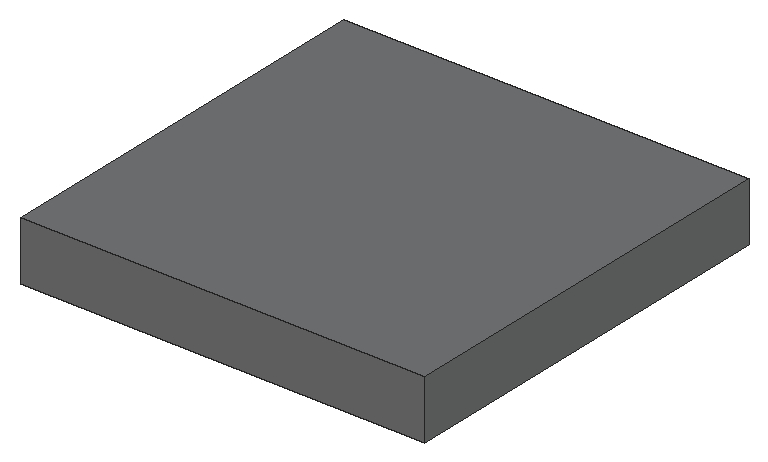
Revit family "Gira_028501", category Electrical Fixtures, host Face, Revit 2017
Family settings
  Host = Face
  Maintain Annotation Orientation = No
  Round Connector Dimension = Use Diameter
  Part Type = Normal
  Cut with Voids When Loaded = No
  Shared = No
  Room Calculation Point = No
Parameters (values of type "Wippe Symb. Licht System 55 Cremeweiß")
  Werkstoffgüte = "Thermoplast"
  Werkstoff = "Kunststoff"
  Verwendung = "Schalter/Taster"
  URL = "http://katalog.gira.de/de_DE/datenblatt.html?artikelnr=028501"
  Region = "DE"
  RAL-Nummer (ähnlich) = "1013 "
  Oberfläche = "sonstige"
  Name = "Wippe Symb. Licht System 55 Cremeweiß"
  Mit austauschbarer Linse/Symbol = "No"
  Mit Beschriftungsfeld = "No"
  Manufacturer URL = "https://www.gira.de/"
  Kontrollfenster/Lichtauslass = "No"
  Keynote = "Sys55_Abdeckung_Schalten und Tasten"
  HeinzeBIM = "https://bimportal.heinze.de/bim/wippe-symb-licht-system-55-cremeweiss/d88663e9f88a82500990701dfed52db95669fe76"
  Halogenfrei = "Yes"
  HAN = "028501"
  Geeignet für Schutzart (IP) = "IP20"
  Geeignet für Bussystem-Tasterankopplung = "No"
  GTIN = "4010337285014"
  Farbe = "cremeweiß (elektroweiß)"
  Default Elevation = 1219.2 mm
  Data sheet (1) = "https://katalog.gira.de/de_DE/download.html?artikelnr=028501"
  Category = "Abdeckung/Bedienelement für Installationsschalterprogramme"
  Befestigungsart = "Klemmbefestigung"
  Available = "Yes"
  Ausführung der Oberfläche = "glänzend"
  Ausführung = "einteilige Wippe"
  Aufdruck/Kennzeichnung = "Symbol \"Licht\""
  Anthrazit [instance] = Anthrazit
  Abtastbares Symbol/barrierefrei = "No"
Reference planes
  plane 1 "Center (Front/Back)": y = 0
  plane 2: z = 0
  plane 3 "Center (Left/Right)": x = 0
Forms (mm)
  Extrusion 1, solid, material "Anthrazit" <- "Anthrazit", detail levels fine
    sketch origin (0, 0, 0) x (1, 0, 0) y (0, 1, 0)
      loop
        line (-27.5, 27.5) -> (-27.5, -27.5) -> (27.5, -27.5) -> (27.5, 27.5) -> (-27.5, 27.5)
    from 0 to 8
  Extrusion 2, void
    sketch origin (0, 0, 0) x (1, 0, 0) y (0, 1, 0)
      loop
        line (26, 26) -> (-26, 26) -> (-26, -26) -> (26, -26) -> (26, 26)
    from 0 to 6
  Extrusion 3, solid, material "Anthrazit" <- "Anthrazit", detail levels medium
    sketch origin (0, 0, 0) x (1, 0, 0) y (0, 1, 0)
      loop
        line (-27.5, 27.5) -> (-27.5, -27.5) -> (27.5, -27.5) -> (27.5, 27.5) -> (-27.5, 27.5)
    from 0 to 8
  Extrusion 4, solid, material "Anthrazit" <- "Anthrazit", detail levels medium
    sketch origin (0, 0, 0) x (1, 0, 0) y (0, 1, 0)
      loop
        line (11, -17.5) -> (11, 17.5) -> (-11, 17.5) -> (-11, -17.5) -> (11, -17.5)
    from -6 to 6
  Extrusion 5, solid, material "Anthrazit" <- "Anthrazit", detail levels fine
    sketch origin (0, 0, 0) x (1, 0, 0) y (0, 1, 0)
      loop
        line (11, 17.5) -> (-11, 17.5) -> (-11, 16.5) -> (11, 16.5) -> (11, 17.5)
      loop
        line (-11, -16.5) -> (-11, -17.5) -> (11, -17.5) -> (11, -16.5) -> (-11, -16.5)
    from -4 to 6
  Extrusion 6, solid, material "Anthrazit" <- "Anthrazit", detail levels fine
    sketch origin (0, 0, 0) x (1, 0, 0) y (0, 1, 0)
      loop
        arc (5, 9.347) -> (0, 10.6) -> (-5, 9.347) r 10.6
        line (-5, 9.347) -> (-5, -9.347)
        arc (-5, -9.347) -> (0, -10.6) -> (5, -9.347) r 10.6
        line (5, -9.347) -> (5, 9.347)
    from -6 to 6
  Extrusion 7, solid, material "Anthrazit" <- "Anthrazit", detail levels coarse
    sketch origin (0, 0, 0) x (1, 0, 0) y (0, 1, 0)
      loop
        line (-27.5, 27.5) -> (-27.5, -27.5) -> (27.5, -27.5) -> (27.5, 27.5) -> (-27.5, 27.5)
    from -6 to 8
Cuts and joins
  Extrusion 2 cuts Extrusion 1
Dimensions and locks
  aligned and locked: plane 2 to host face
  aligned and locked: level to host face
